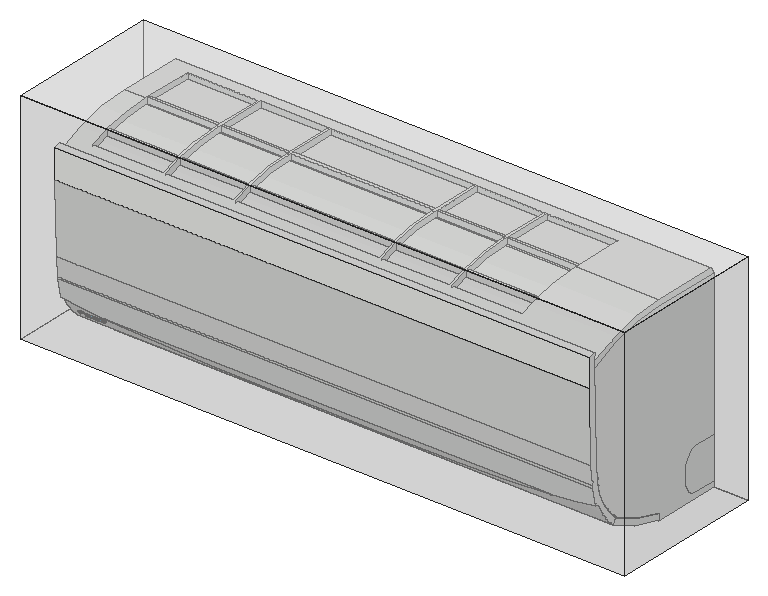
Revit family "outputfile", category 機械設備, Revit 2024
Family settings
  丸型コネクタ寸法 = 半径を使用
  パーツ タイプ = 標準
  OmniClass 番号 = 23.75.10.24.21.27.27
  OmniClass タイトル = Split System Air Conditioning Units
  作業面ベース = いいえ
  常に垂直 = はい
  ロード時にボイドで切り取り = いいえ
  注釈の向きを維持 = いいえ
  共有 = いいえ
  部屋計算ポイント = いいえ
Parameters (values of type "CTKC35RVM4")
  Description = ""
  書き出し IFC クラス(タイプ) = "IfcUnitaryEquipmentType"
  定義済み IFC タイプ(タイプ) = "AIRCONDITIONINGUNIT"
  Cost = 0
  Type Comments = ""
  Keynote = ""
  Type Image = (empty or 0)
  Assembly Code = ""
  w_wall hole = if(Width = 770.0 mm, 48.0 mm, 60.0 mm)  # 48.0 mm
  製造元 = "Daikin"
  モデル = "CTKC35RVM4"
  switch_frequency = yes
  r_Liquid Pipe Size = Liquid Pipe Size / 2  # 3.2 mm
  r_Gas Pipe Size = Gas Pipe Size / 2  # 4.75 mm
  r_Drain Pipe Size = Drain Pipe Size / 2  # 8.0 mm
  lw_powersupply [instance] = if(Width = 770.0 mm, if(or(Rear Right Connection_refrigerant, Bottom Right Connection_refrigerant), 25.0 mm, if(or(Rear Left Connection_refrigerant, Bottom Left Connection_refrigerant), 745.0 mm, 400.0 mm)), if(Width = 990.0 mm, if(or(Rear Right Connection_refrigerant, Bottom Right Connection_refrigerant), 40.0 mm, if(or(Rear Left Connection_refrigerant, Bottom Left Connection_refrigerant), 920.0 mm, 400.0 mm)), if(or(Rear Right Connection_refrigerant, Bottom Right Connection_refrigerant), 40.0 mm, if(or(Rear Left Connection_refrigerant, Bottom Left Connection_refrigerant), 920.0 mm, 400.0 mm))))  # 400.0 mm
  lw_liquidpipe [instance] = if(Width = 770.0 mm, if(or(Rear Right Connection_refrigerant, Bottom Right Connection_refrigerant), 0.0 mm, if(or(Rear Left Connection_refrigerant, Bottom Left Connection_refrigerant), 664.0 mm, 385.0 mm)), if(Width = 990.0 mm, if(or(Rear Right Connection_refrigerant, Bottom Right Connection_refrigerant), 0.0 mm, if(or(Rear Left Connection_refrigerant, Bottom Left Connection_refrigerant), 664.0 mm + (990.0 mm - 770.0 mm), 475.0 mm)), if(or(Rear Right Connection_refrigerant, Bottom Right Connection_refrigerant), 0.0 mm, if(or(Rear Left Connection_refrigerant, Bottom Left Connection_refrigerant), 664.0 mm + (990.0 mm - 770.0 mm), 475.0 mm))))  # 385.0 mm
  lw_gaspipe [instance] = if(Width = 770.0 mm, if(or(Rear Right Connection_refrigerant, Bottom Right Connection_refrigerant), 0.0 mm, if(or(Rear Left Connection_refrigerant, Bottom Left Connection_refrigerant), 675.0 mm, if(Gas Pipe Size = 12.7 mm, 345.0 mm, 335.0 mm))), if(Width = 990.0 mm, if(or(Rear Right Connection_refrigerant, Bottom Right Connection_refrigerant), 10.0 mm, if(or(Rear Left Connection_refrigerant, Bottom Left Connection_refrigerant), 890.0 mm, if(Gas Pipe Size = 15.9 mm, 410.0 mm, 400.0 mm))), if(or(Rear Right Connection_refrigerant, Bottom Right Connection_refrigerant), 10.0 mm, if(or(Rear Left Connection_refrigerant, Bottom Left Connection_refrigerant), 890.0 mm, if(Gas Pipe Size = 15.9 mm, 410.0 mm, 400.0 mm)))))  # 335.0 mm
  lw_drainpipe [instance] = if(Width = 770.0 mm, if(or(Rear Right Connection_refrigerant, Bottom Right Connection_refrigerant), 0.0 mm, if(or(Rear Left Connection_refrigerant, Bottom Left Connection_refrigerant), 770.0 mm - 48.0 mm - 48.0 mm, 440.0 mm)), if(Width = 990.0 mm, if(or(Rear Right Connection_refrigerant, Bottom Right Connection_refrigerant), 0.0 mm, if(or(Rear Left Connection_refrigerant, Bottom Left Connection_refrigerant), 675.0 mm + (990.0 mm - 770.0 mm), 435.0 mm)), if(or(Rear Right Connection_refrigerant, Bottom Right Connection_refrigerant), 0.0 mm, if(or(Rear Left Connection_refrigerant, Bottom Left Connection_refrigerant), 675.0 mm + (990.0 mm - 770.0 mm), 435.0 mm))))  # 440.0 mm
  l_powersupply_length [instance] = if(Width = 770.0 mm, if(Right Connection_refrigerant, 400.0 mm, if(Left Connection_refrigerant, 770.0 mm - 400.0 mm, if(or(Rear Left Connection_refrigerant, Rear Right Connection_refrigerant), 15.0 mm, 50.0 mm))), if(Width = 990.0 mm, if(Right Connection_refrigerant, 400.0 mm, if(Left Connection_refrigerant, 990.0 mm - 400.0 mm, if(or(Rear Left Connection_refrigerant, Rear Right Connection_refrigerant), 15.0 mm, 50.0 mm))), if(Right Connection_refrigerant, 400.0 mm, if(Left Connection_refrigerant, 990.0 mm - 400.0 mm, if(or(Rear Left Connection_refrigerant, Rear Right Connection_refrigerant), 15.0 mm, 50.0 mm)))))  # 400.0 mm
  l_liquidpipe_length [instance] = if(Width = 770.0 mm, if(Right Connection_refrigerant, 433.0 mm, if(Left Connection_refrigerant, 337.0 mm, if(or(Rear Left Connection_refrigerant, Rear Right Connection_refrigerant), 30.0 mm, 40.0 mm))), if(Width = 990.0 mm, if(Right Connection_refrigerant, 535.0 mm, if(Left Connection_refrigerant, 455.0 mm, if(or(Rear Left Connection_refrigerant, Rear Right Connection_refrigerant), 30.0 mm, 40.0 mm))), if(Right Connection_refrigerant, 535.0 mm, if(Left Connection_refrigerant, 455.0 mm, if(or(Rear Left Connection_refrigerant, Rear Right Connection_refrigerant), 30.0 mm, 40.0 mm)))))  # 433.0 mm
  l_gaspipe_length [instance] = if(Width = 770.0 mm, if(Right Connection_refrigerant, if(Gas Pipe Size = 12.7 mm, 393.0 mm, 383.0 mm), if(Left Connection_refrigerant, if(Gas Pipe Size = 12.7 mm, 770.0 mm - 393.0 mm, 770.0 mm - 383.0 mm), if(or(Rear Left Connection_refrigerant, Rear Right Connection_refrigerant), 40.0 mm, 50.0 mm))), if(Width = 990.0 mm, if(Right Connection_refrigerant, if(Gas Pipe Size = 15.9 mm, 470.0 mm, 460.0 mm), if(Left Connection_refrigerant, if(Gas Pipe Size = 15.9 mm, 990.0 mm - 470.0 mm, 990.0 mm - 460.0 mm), if(or(Rear Left Connection_refrigerant, Rear Right Connection_refrigerant), 40.0 mm, 50.0 mm))), if(Right Connection_refrigerant, if(Gas Pipe Size = 15.9 mm, 470.0 mm, 460.0 mm), if(Left Connection_refrigerant, if(Gas Pipe Size = 15.9 mm, 990.0 mm - 470.0 mm, 990.0 mm - 460.0 mm), if(or(Rear Left Connection_refrigerant, Rear Right Connection_refrigerant), 40.0 mm, 50.0 mm)))))  # 383.0 mm
  l_drainpipe_length [instance] = if(Width = 770.0 mm, if(Right Connection_refrigerant, 488.0 mm, if(Left Connection_refrigerant, 282.0 mm, if(or(Rear Left Connection_refrigerant, Rear Right Connection_refrigerant), 15.0 mm, 20.0 mm))), if(Width = 990.0 mm, if(Right Connection_refrigerant, 495.0 mm, if(Left Connection_refrigerant, 495.0 mm, if(or(Rear Left Connection_refrigerant, Rear Right Connection_refrigerant), 15.0 mm, 20.0 mm))), if(Right Connection_refrigerant, 495.0 mm, if(Left Connection_refrigerant, 495.0 mm, if(or(Rear Left Connection_refrigerant, Rear Right Connection_refrigerant), 15.0 mm, 20.0 mm)))))  # 488.0 mm
  h*** = 0.0 mm  # constant formula
  connector_voltage = Voltage_50Hz  # 230 V
  connector_powerinput = [Power Input (Cooling)]  # 0.000 kW
  connector_phase = Phase_50Hz  # 1
  angle_vertical [instance] = if(or(Bottom Left Connection_refrigerant, Bottom Right Connection_refrigerant), 0.00°, 90.00°)  # 90.00°
  angle_horizontal [instance] = if(Right Connection_refrigerant, 90.00°, if(Left Connection_refrigerant, -90.00°, if(or(Rear Left Connection_refrigerant, Rear Right Connection_refrigerant), 180.00°, 0.00°)))  # 90.00°
  Width = 770.0 mm
  Voltage_comment_50Hz = "220 - 240"
  Voltage_50Hz = 230 V
  Version = "ver.1.0"
  Unit Type = "Wall Mounted"
  Unit Mass Weight = 9.00 kg
  Unit Designation [instance] = ""
  Uniclass2015Version = "Products v1.30"
  Uniclass2015Title = "Split coil room air conditioning units"
  Uniclass2015Code = "Pr_70_65_03_86"
  URL = ""
  Total Cooling Capacity [instance] = 0.000 kW
  Sound Pressure Level_M speed (dBA) = 34
  Sound Pressure Level_L speed (dBA) = 26
  Sound Pressure Level_H speed (dBA) = 39
  Sound Power Level_H speed (dB) = 0
  Series = "Multi Split_Fan Coil Unit"
  Sensible Cooling Capacity [instance] = 0.000 kW
  Refrigerant Type = "R32"
  Power Input (Cooling) = 0.000 kW
  Phase_50Hz = 1
  Option Accessory 3 [instance] = ""
  Option Accessory 2 [instance] = ""
  Option Accessory 1 [instance] = ""
  Nominal Cooling Capacity = 3.500 kW
  Minimum Circuit Amps_50Hz = 0.0 A
  Minimum Airflow = 402.00 m³/h
  Median Airflow = 558.00 m³/h
  Maximum Fuse Amps_50Hz = 0.0 A
  Maximum Airflow = 690.00 m³/h
  Material_Casing = DAIKIN_White_Casing_indoorunit
  Load Classification = HVAC
  Liquid Pipe Size = 6.4 mm
  Link_Nested Family [instance] = ""
  IfcVersion = ""
  IfcExportType = "AIRCONDITIONINGUNIT"
  IfcExportAs = "IfcUnitaryEquipmentType"
  Height = 285.0 mm
  Heat Exchanger Type = "Cross Fin Coil"
  Gas Pipe Size = 9.5 mm
  Frequency_50Hz = 50 Hz
  Fan Type = "Cross Flow Fan"
  Fan Drive = "Direct Drive"
  FCU Tag No. [instance] = ""
  Drain Pipe Size = 16.0 mm
  Design Supply Airflow [instance] = 0.00 m³/h
  Depth = 223.0 mm
  既定の高さ = 0.0 mm
  Cooling Entering Wet Bulb Temperature [instance] = 0.00 °C
  Cooling Entering Dry Bulb Temperature [instance] = 0.00 °C
  Cooling Ambient Wet Bulb Temperature [instance] = 0.00 °C
  Cooling Ambient Dry Bulb Temperature [instance] = 0.00 °C
  Clearance visibility [instance] = yes
  Clearance Top = 30.0 mm
  Clearance Right = 50.0 mm
  Clearance Rear = 0.0 mm
  Clearance Left = 50.0 mm
  Clearance Front = 0.0 mm
  Clearance Bottom = 0.0 mm
  Bottom Right Connection_refrigerant [instance] = no
  Bottom Left Connection_refrigerant [instance] = no
  Rear Right Connection_refrigerant [instance] = no
  Rear Left Connection_refrigerant [instance] = no
  Right Connection_refrigerant [instance] = yes
  Left Connection_refrigerant [instance] = no
Reference planes
  plane 1 "Back": y = 0
  plane 2: z = 0
  plane 3 "Center (Left/Right)": x = 0
  plane 4 "Center (Front/Back)": y = -111.5
  plane 5 "Front": y = -223
  plane 6 "Left": x = -385
  plane 7 "Right": x = 385
  plane 8 "Top": z = 0
  plane 9 "Bottom": z = -285
  plane 10: x = -435
  plane 11: x = 435
  plane 12: y = 0
  plane 13: y = -223
  plane 14: z = 30
  plane 15: z = -285
  plane 16 "lw_Piping and Wiring intake": x = 337
  plane 17 "lw_gaspipe": x = 2
  plane 18 "lw_liquidpipe": x = -48
  plane 19 "lw_drainpipe": x = -103
  plane 20 "lh_drainpipe": z = -265
  plane 21 "lh_liquidpipe": z = -245
  plane 22 "lh_gaspipe": z = -235
  plane 23 "ld_drainpipe": y = -15
  plane 24 "ld_liquidpipe": y = -30
  plane 25 "ld_gaspipe": y = -40
  plane 26 "lw_powersupply": x = -15
Dimensions and locks
  equal spacing: plane 6 "Left", plane 3 "Center (Left/Right)", plane 7 "Right"
  "Width": plane 6 "Left" to plane 7 "Right"
  equal spacing: plane 5 "Front", plane 4 "Center (Front/Back)", plane 1 "Back"
  "Depth": plane 5 "Front" to plane 1 "Back"
  "Height": plane 8 "Top" to plane 9 "Bottom"
  "Clearance Rear": plane 12 to plane 1 "Back"
  "Clearance Front": plane 13 to plane 5 "Front"
  "Clearance Top": plane 14 to plane 8 "Top"
  "Clearance Bottom": plane 9 "Bottom" to plane 15
  "w_wall hole": plane 16 "lw_Piping and Wiring intake" to plane 7 "Right"
  "lw_gaspipe": plane 17 "lw_gaspipe" to plane 16 "lw_Piping and Wiring intake"
  "lw_liquidpipe": plane 18 "lw_liquidpipe" to plane 16 "lw_Piping and Wiring intake"
  "lw_drainpipe": plane 19 "lw_drainpipe" to plane 16 "lw_Piping and Wiring intake"
  locked: plane 20 "lh_drainpipe" to plane 9 "Bottom" at 20
  locked: plane 21 "lh_liquidpipe" to plane 9 "Bottom" at 40
  locked: plane 22 "lh_gaspipe" to plane 9 "Bottom" at 50
  locked: plane 23 "ld_drainpipe" to plane 1 "Back" at 15
  locked: plane 1 "Back" to plane 24 "ld_liquidpipe" at 30
  locked: plane 1 "Back" to plane 25 "ld_gaspipe" at 40
  "lw_powersupply": plane 26 "lw_powersupply" to plane 7 "Right"
  "Clearance Right": plane 7 "Right" to plane 11
  "Clearance Left": plane 10 to plane 6 "Left"
  aligned and locked: level to plane 2
  aligned and locked: plane 12 to nested 1
  aligned and locked: nested 1 to plane 13
  aligned and locked: plane 10 to nested 1
  aligned and locked: plane 11 to nested 1
  aligned and locked: plane 15 to nested 1
  aligned and locked: plane 14 to nested 1
  aligned and locked: plane 17 "lw_gaspipe" to nested 2
  aligned and locked: nested 2 to plane 25 "ld_gaspipe"
  aligned and locked: plane 18 "lw_liquidpipe" to nested 3
  aligned and locked: nested 3 to plane 24 "ld_liquidpipe"
  aligned and locked: plane 19 "lw_drainpipe" to nested 4
  aligned and locked: nested 4 to plane 23 "ld_drainpipe"
  aligned and locked: nested 5 to plane 23 "ld_drainpipe"
  aligned and locked: plane 26 "lw_powersupply" to nested 5
  aligned and locked: level to plane 8 "Top"
  aligned and locked: plane 3 "Center (Left/Right)" to nested 6
  aligned and locked: plane 1 "Back" to nested 6
  aligned and locked: plane 8 "Top" to nested 6
Nested families
  nested 1: "daikin_clearancespace" at (0, -111.5, -127.381), show <- "Clearance visibility", visible <- "Clearance visibility", Link_Nested Family <- "Link_Nested Family", type "daikin_clearancespace"
    with width 870.0 mm, show yes, height 315.0 mm, depth 223.0 mm, Link_Nested Family ""
  nested 2: "daikin_connector_rotate3" at (2, -40, -235), angle_vertical <- "angle_vertical", angle_horizontal <- "angle_horizontal", length <- "l_gaspipe_length", radius <- "r_Gas Pipe Size", type "daikin_connector_rotate3"
    with show no, radius 4.75 mm, length 383.0 mm, angle_vertical 90.00°, angle_horizontal 90.00°
  nested 3: "daikin_connector_rotate3" at (-48, -30, -245), angle_vertical <- "angle_vertical", angle_horizontal <- "angle_horizontal", radius <- "r_Liquid Pipe Size", length <- "l_liquidpipe_length", type "daikin_connector_rotate3"
    with show no, radius 3.2 mm, length 433.0 mm, angle_vertical 90.00°, angle_horizontal 90.00°
  nested 4: "daikin_connector_rotate3" at (-103, -15, -265), angle_vertical <- "angle_vertical", angle_horizontal <- "angle_horizontal", length <- "l_drainpipe_length", radius <- "r_Drain Pipe Size", type "daikin_connector_rotate3"
    with show no, radius 8.0 mm, length 488.0 mm, angle_vertical 90.00°, angle_horizontal 90.00°
  nested 5: "daikin_connector_rotate3" at (-15, -15, -235), angle_vertical <- "angle_vertical", angle_horizontal <- "angle_horizontal", length <- "l_powersupply_length", type "daikin_connector_rotate3"
    with show no, radius 10.0 mm, length 400.0 mm, angle_vertical 90.00°, angle_horizontal 90.00°
  nested 6: "DAIKIN_indoorunit_CTKC-RVM4" at (-31, 0, 0), type "CTKC-RVM4"
Connectors
  piping at (385, -40, -235), diameter 9.5, driven by "r_Gas Pipe Size"
    settings: on nested 2, index 1, connector inside diameter 609.6 mm, connector length 0.0 mm, flow factor 0, pipe flow 0.00 m³/h, pressure drop 0.0 Pa, fitting loss kfactor 0, connector angle 0.00°, fixture units 0, engagement length 0.0 mm, angle of deflection 0.00°, flow configuration 1, flow direction 2, fitting loss method 0, system type 29, joint type 0, gender type 0, connector reference index -1, connector utility 0, adjustable connector no, is connector primary yes, connector description "Refrigerant Gas Piping"
  piping at (385, -30, -245), diameter 6.4, driven by "r_Liquid Pipe Size"
    settings: on nested 3, index 2, connector inside diameter 609.6 mm, connector length 0.0 mm, flow factor 0, pipe flow 0.00 m³/h, pressure drop 0.0 Pa, fitting loss kfactor 0, connector angle 0.00°, fixture units 0, engagement length 0.0 mm, angle of deflection 0.00°, flow configuration 1, flow direction 1, fitting loss method 0, system type 29, joint type 0, gender type 0, connector reference index -1, connector utility 0, adjustable connector no, is connector primary no, connector description "Refrigerant Liquid Piping"
  piping at (385, -15, -265), diameter 16, driven by "r_Drain Pipe Size"
    settings: on nested 4, index 3, connector inside diameter 609.6 mm, connector length 0.0 mm, flow factor 0, pipe flow 0.00 m³/h, pressure drop 0.0 Pa, fitting loss kfactor 0, connector angle 0.00°, fixture units 0, engagement length 0.0 mm, angle of deflection 0.00°, flow configuration 1, flow direction 2, fitting loss method 4, system type 16, joint type 0, gender type 0, connector reference index -1, connector utility 0, adjustable connector no, is connector primary no, connector description "Condensate Drain Piping"
  electrical at (385, -15, -235), driven by "Load Classification", driven by "connector_voltage", driven by "connector_powerinput", driven by "connector_phase"
    settings: on nested 5, index 4, voltage 230 V, apparent load 0 VA, apparent load phase1 0 VA, apparent load phase2 0 VA, apparent load phase3 0 VA, power factor 1, load classification "HVAC", number of poles 1, system type 30, power factor state 1, is connector primary yes, connector utility no, sub classification motor no, connector description "Power Supply"
Definition of nested family "daikin_clearancespace"
  Parameters (values of type "daikin_clearancespace")
    Description = "daikin_clearancespace"
    width [instance] = 1823.963 mm
    show [instance] = yes
    material = none
    height [instance] = 1359.762 mm
    depth [instance] = 880.0 mm
    Default Elevation = 0.0 mm
    Link_Nested Family [instance] = ""
  Reference planes
    plane 1 "Center (Front/Back)": y = 0
    plane 2 "Center (Elevation)": z = -0.119
    plane 3 "Center (Left/Right)": x = 0
    plane 4: y = 440
    plane 5: y = -440
    plane 6 "Right": x = 911.982
    plane 7 "Left": x = -911.982
    plane 8 "Top": z = 679.762
    plane 9 "Bottom": z = -680
  Forms (mm)
    Extrusion 1, solid, material <- "material", visible <- "show"
      sketch origin (0, 0, 0) x (1, 0, 0) y (0, 1, 0)
        loop
          line (-911.982, 440) -> (-911.982, -440) -> (911.982, -440) -> (911.982, 440) -> (-911.982, 440)
      from -680 to 679.762
  Lines and regions (mm)
    symbolic lines, visible <- "show"
      curve 1: line (911.982, 440, 0) -> (-911.982, 440, 0)
      curve 2: line (-911.982, 440, 0) -> (-911.982, -440, 0)
      curve 3: line (-911.982, -440, 0) -> (911.982, -440, 0)
      curve 4: line (911.982, -440, 0) -> (911.982, 440, 0)
      curve 5: line (911.982, 0, 679.762) -> (-911.982, 0, 679.762)
      curve 6: line (911.982, 0, -680) -> (911.982, 0, 679.762)
      curve 7: line (-911.982, 0, -680) -> (911.982, 0, -680)
      curve 8: line (-911.982, 0, 679.762) -> (-911.982, 0, -680)
      curve 9: line (0, 440, 679.762) -> (0, -440, 679.762)
      curve 10: line (0, -440, 679.762) -> (0, -440, -680)
      curve 11: line (0, 440, -680) -> (0, 440, 679.762)
      curve 12: line (0, -440, -680) -> (0, 440, -680)
  Dimensions and locks
    "width": plane 7 "Left" to plane 6 "Right"
    "depth": plane 4 to plane 5
    "height": plane 8 "Top" to plane 9 "Bottom"
    equal spacing: plane 7 "Left", plane 3 "Center (Left/Right)", plane 6 "Right"
    equal spacing: plane 4, plane 1 "Center (Front/Back)", plane 5
    equal spacing: plane 8 "Top", plane 2 "Center (Elevation)", plane 9 "Bottom"
    aligned and locked: level to plane 2 "Center (Elevation)"
    aligned and locked: Extrusion 1 sketch curve to plane 4
    aligned and locked: plane 7 "Left" to Extrusion 1 sketch curve
    aligned and locked: Extrusion 1 sketch curve to plane 5
    aligned and locked: Extrusion 1 sketch curve to plane 6 "Right"
    aligned and locked: plane 8 "Top" to Extrusion 1
    aligned and locked: curve 1 to Extrusion 1
    aligned and locked: curve 2 to Extrusion 1
    aligned and locked: curve 3 to Extrusion 1
    aligned and locked: curve 4 to Extrusion 1
    aligned and locked: curve 5 to Extrusion 1
    aligned and locked: curve 6 to Extrusion 1
    aligned and locked: curve 7 to Extrusion 1
    aligned and locked: curve 8 to Extrusion 1
    aligned and locked: curve 9 to Extrusion 1
    aligned and locked: curve 10 to Extrusion 1
    aligned and locked: curve 11 to Extrusion 1
    aligned and locked: curve 12 to Extrusion 1
    aligned and locked: Extrusion 1 to plane 9 "Bottom"
Definition of nested family "DAIKIN_indoorunit_CTKC-RVM4"
  Parameters (values of type "FTKM-QVMA")
    Material_Casing = none
    Default Elevation = 0.0 mm
  Reference planes
    plane 1 "Center (Front/Back)": y = 0
    plane 2 "reference_level": z = 0
    plane 3 "Center (Left/Right)": x = 31
    plane 4: x = -354
    plane 5: x = 416
    plane 6: z = -285
  Forms (mm)
    Extrusion 1, solid, material <- "Material_Casing"
      sketch origin (29, 0, 0) x (0, 1, 0) y (0, 0, 1)
        loop
          line (-5, 0) -> (-98, 0)
          arc (-98, 0) -> (-157.611, -7.211) -> (-213.783, -28.427) r 250
          arc (-213.783, -28.427) -> (-213.842, -32.972) -> (-213.892, -37.516) r 2191
          arc (-213.892, -37.516) -> (-157.832, -15.495) -> (-98.07, -8) r 242
          line (-98.07, -8) -> (0, -8) -> (-5, 0)
      from -383 to 387
    Extrusion 2, solid, material <- "Material_Casing"
      sketch origin (416, 1296.25, 1200) x (0, 1, 0) y (0, 0, 1)
        loop
          line (-1472.998, -1446.91) -> (-1476.998, -1453.839)
          arc (-1476.998, -1453.839) -> (-1437.481, -1472.422) -> (-1395.25, -1483.538) r 240
          line (-1395.25, -1483.538) -> (-1395.25, -1475.422)
          arc (-1395.25, -1475.422) -> (-1435.407, -1464.663) -> (-1472.998, -1446.91) r 232
      from 0 to -47.5
    Extrusion 3, solid, material <- "Material_Casing"
      sketch origin (29, 0, 0) x (0, 1, 0) y (0, 0, 1)
        loop
          arc (-223, -60.455) -> (-222.414, -110.646) -> (-220.656, -160.81) r 2149.92
          arc (-220.656, -160.81) -> (-219.65, -174.299) -> (-217.853, -187.706) r 229.911
          arc (-217.853, -187.706) -> (-205.371, -223.594) -> (-181.517, -253.17) r 111
          line (-181.517, -253.17) -> (-177.429, -246.093)
          arc (-177.429, -246.093) -> (-198.77, -218.989) -> (-209.965, -186.36) r 103
          arc (-209.965, -186.36) -> (-211.681, -173.586) -> (-212.651, -160.735) r 221.844
          arc (-212.651, -160.735) -> (-214.739, -93.233) -> (-214.74, -25.699) r 2186.828
          arc (-214.74, -25.699) -> (-214.671, -21.467) -> (-214.594, -17.235) r 2192
          line (-214.594, -17.235) -> (-223, -19.961) -> (-223, -60.455)
      from -383 to 387
    Extrusion 4, solid, material <- "Material_Casing"
      sketch origin (29, 0, 0) x (0, 1, 0) y (0, 0, 1)
        loop
          line (-181.517, -253.17) -> (-179.597, -249.846)
          arc (-179.597, -249.846) -> (-202.009, -221.399) -> (-213.189, -186.952) r 103
          line (-213.189, -186.952) -> (-217.853, -187.706)
          arc (-217.853, -187.706) -> (-217.533, -189.556) -> (-217.182, -191.4) r 111
          arc (-217.182, -191.4) -> (-213.806, -208.181) -> (-210.362, -224.948) r 4257.809
          arc (-210.362, -224.948) -> (-198.886, -237.857) -> (-186.225, -249.607) r 180
          line (-186.225, -249.607) -> (-181.517, -253.17)
      from -383 to 387
    Extrusion 5, solid, material <- "Material_Casing"
      sketch origin (29, 0, -20) x (0, 1, 0) y (0, 0, 1)
        loop
          line (0, -265) -> (0, 12) -> (-98.07, 12)
          arc (-98.07, 12) -> (-157.832, 4.505) -> (-213.892, -17.516) r 242
          arc (-213.892, -17.516) -> (-213.638, -79.114) -> (-211.653, -140.681) r 2191
          arc (-211.653, -140.681) -> (-210.685, -153.501) -> (-208.973, -166.243) r 221
          arc (-208.973, -166.243) -> (-197.471, -199.282) -> (-175.482, -226.491) r 102
          arc (-175.482, -226.491) -> (-138.004, -244.019) -> (-98, -254.579) r 231
          line (-98, -254.579) -> (-98, -265) -> (0, -265)
      from -383 to 387
    Extrusion 6, solid, material <- "Material_Casing"
      sketch origin (-354, 1296.25, 1200) x (0, 1, 0) y (0, 0, 1)
        loop
          line (-1472.998, -1446.91) -> (-1476.998, -1453.839)
          arc (-1476.998, -1453.839) -> (-1437.481, -1472.422) -> (-1395.25, -1483.538) r 240
          line (-1395.25, -1483.538) -> (-1395.25, -1475.422)
          arc (-1395.25, -1475.422) -> (-1435.407, -1464.663) -> (-1472.998, -1446.91) r 232
      from 47 to 0
    Extrusion 7, solid, material <- "Material_Casing"
      sketch origin (416, 1296.25, 1200) x (0, 1, 0) y (0, 0, 1)
        loop
          line (-1472.998, -1446.91) -> (-1476.998, -1453.839)
          arc (-1476.998, -1453.839) -> (-1443.437, -1470.168) -> (-1407.75, -1481.097) r 240
          line (-1407.75, -1481.097) -> (-1407.75, -1472.894)
          arc (-1407.75, -1472.894) -> (-1441.363, -1462.385) -> (-1472.998, -1446.91) r 232
      from -116.993 to -48.493
    Extrusion 8, solid, material <- "Material_Casing"
      sketch origin (416, 1296.25, 1200) x (0, 1, 0) y (0, 0, 1)
        loop
          line (-1472.998, -1446.91) -> (-1476.998, -1453.839)
          arc (-1476.998, -1453.839) -> (-1443.437, -1470.168) -> (-1407.75, -1481.097) r 240
          line (-1407.75, -1481.097) -> (-1407.75, -1472.894)
          arc (-1407.75, -1472.894) -> (-1441.363, -1462.385) -> (-1472.998, -1446.91) r 232
      from -717 to -121.993
    Extrusion 9, void
      sketch origin (31, 0, -235) x (1, 0, 0) y (0, 1, 0)
        loop
          line (-252.674, -22.316) -> (-354.941, -22.316) -> (-354.941, -91.341) -> (-252.674, -91.341) -> (-252.674, -22.316)
        loop
          line (-249.341, -91.341) -> (-151.574, -91.341) -> (-151.574, -22.316) -> (-249.341, -22.316) -> (-249.341, -91.341)
        loop
          line (58.309, -22.316) -> (-148.309, -22.316) -> (-148.309, -91.341) -> (58.309, -91.341) -> (58.309, -22.316)
        loop
          line (61.689, -22.316) -> (61.689, -91.341) -> (159.457, -91.341) -> (159.457, -22.316) -> (61.689, -22.316)
        loop
          line (162.789, -22.316) -> (162.789, -91.341) -> (265.057, -91.341) -> (265.057, -22.316) -> (162.789, -22.316)
        loop
          line (-354.941, -94.659) -> (-354.941, -165.259) -> (-252.674, -165.259) -> (-252.674, -94.659) -> (-354.941, -94.659)
        loop
          line (-249.341, -94.659) -> (-249.341, -165.259) -> (-151.574, -165.259) -> (-151.574, -94.659) -> (-249.341, -94.659)
        loop
          line (-148.309, -94.659) -> (-148.309, -165.259) -> (58.309, -165.259) -> (58.309, -94.659) -> (-148.309, -94.659)
        loop
          line (61.689, -94.659) -> (61.689, -165.259) -> (159.457, -165.259) -> (159.457, -94.659) -> (61.689, -94.659)
        loop
          line (162.789, -94.659) -> (162.789, -165.259) -> (265.057, -165.259) -> (265.057, -94.659) -> (162.789, -94.659)
        loop
          line (-354.941, -167.382) -> (-354.941, -192.681) -> (-252.674, -192.681) -> (-252.674, -167.382) -> (-354.941, -167.382)
        loop
          line (-249.341, -167.382) -> (-249.341, -192.681) -> (-151.574, -192.681) -> (-151.574, -167.382) -> (-249.341, -167.382)
        loop
          line (-148.309, -167.382) -> (-148.309, -192.681) -> (58.309, -192.681) -> (58.309, -167.382) -> (-148.309, -167.382)
        loop
          line (159.457, -167.382) -> (61.689, -167.382) -> (61.689, -192.681) -> (159.457, -192.681) -> (159.457, -167.382)
        loop
          line (265.057, -167.382) -> (162.789, -167.382) -> (162.789, -192.681) -> (265.057, -192.681) -> (265.057, -167.382)
      from 201.638 to 250
    Extrusion 10, void
      sketch origin (31, 0, 0) x (1, 0, 0) y (0, 0, 1)
        loop
          arc (597, -174.907) -> (0.056, -245.263) -> (-597, -175.856) r 2585.042
          line (-597, -175.856) -> (-597, -352.872) -> (597, -352.872) -> (597, -174.907)
      from 173 to 315.3
    Extrusion 11, solid, material <- "Material_Casing"
      sketch origin (31, 0, 0) x (1, 0, 0) y (0, 0, 1)
        loop
          circle (337, -240.5) r 32.5
        loop
          circle (-337, -240.5) r 32.5
      from 0 to 5
    Extrusion 12, solid, material <- "Material_Casing"
      sketch origin (416, 1296.25, 1200) x (0, -1, 0) y (0, 0, 1)
        loop
          line (1326.25, -1417) -> (1296.25, -1417) -> (1296.25, -1477) -> (1326.25, -1477)
          arc (1326.25, -1477) -> (1340.393, -1471.142) -> (1346.25, -1457) r 20
          line (1346.25, -1457) -> (1346.25, -1437)
          arc (1346.25, -1437) -> (1340.393, -1422.858) -> (1326.25, -1417) r 20
      from 0 to 5
    Extrusion 13, solid, material <- "Material_Casing"
      sketch origin (-354, 1296.25, 1200) x (0, 1, 0) y (0, 0, 1)
        loop
          line (-1296.25, -1417) -> (-1326.25, -1417)
          arc (-1326.25, -1417) -> (-1340.393, -1422.858) -> (-1346.25, -1437) r 20
          line (-1346.25, -1437) -> (-1346.25, -1457)
          arc (-1346.25, -1457) -> (-1340.393, -1471.142) -> (-1326.25, -1477) r 20
          line (-1326.25, -1477) -> (-1296.25, -1477) -> (-1296.25, -1417)
      from 0 to 5
    Extrusion 14, solid, material <- "Material_Casing"
      sketch origin (31, 0, -285) x (-1, 0, 0) y (0, -1, 0)
        loop
          line (-314, 0) -> (-314, 30)
          arc (-314, 30) -> (-319.858, 44.142) -> (-334, 50) r 20
          line (-334, 50) -> (-354, 50)
          arc (-354, 50) -> (-368.142, 44.142) -> (-374, 30) r 20
          line (-374, 30) -> (-374, 0) -> (-314, 0)
        loop
          line (374, 0) -> (374, 30)
          arc (374, 30) -> (368.142, 44.142) -> (354, 50) r 20
          line (354, 50) -> (334, 50)
          arc (334, 50) -> (319.858, 44.142) -> (314, 30) r 20
          line (314, 30) -> (314, 0) -> (374, 0)
      from 0 to 5
  Cuts and joins
    Extrusion 9 cuts Extrusion 1
    Extrusion 10 cuts Extrusion 4
    joined: Extrusion 3, Extrusion 4
  Lines and regions (mm)
    reference lines
      curve 1: line (-523, -201.911, -229.404) -> (-523, -193.542, -239.977)
  Dimensions and locks
    locked: Extrusion 10 sketch curve to Extrusion 10 sketch curve at 1194
    Extrusion 10 sketch curve to Extrusion 10 sketch curve = 1194.0 mm
    locked: Extrusion 12 sketch curve to Extrusion 12 sketch curve at 60
    locked: Extrusion 12 sketch curve to Extrusion 12 sketch curve at 50
    locked: Extrusion 14 sketch curve to Extrusion 14 sketch curve at 60  (x2)
    locked: Extrusion 14 sketch curve to Extrusion 14 sketch curve at 50
    equal spacing: plane 5, plane 3 "Center (Left/Right)", plane 4
    plane 5 to plane 4 = 770.0 mm
    locked: Extrusion 11 sketch curve to plane 4 at 48
    plane 5 to Extrusion 11 sketch curve = 48.0 mm
    plane 2 "reference_level" to plane 6 = 285.0 mm
    locked: Extrusion 11 sketch curve to plane 6 at 44.5  (x2)
    locked: cut or joined group of Extrusion 3, Extrusion 4, Extrusion 10 to nested 1 at 15
    diameter of Extrusion 11 sketch curve = 65.0 mm  (x2)
    aligned and locked: level to plane 2 "reference_level"
    aligned and locked: nested 1 to curve 1
    aligned and locked: Extrusion 13 sketch curve to Extrusion 12  (x4)
    aligned and locked: Extrusion 14 sketch curve to Extrusion 14 sketch curve  (x2)
    aligned and locked: Extrusion 11 to plane 1 "Center (Front/Back)"
  Automatic sketch dimensions
    Extrusion 10 sketch curve to plane 3 "Center (Left/Right)" = 597.0 mm
    Extrusion 10 sketch curve to plane 3 "Center (Left/Right)" = 2.0 mm
    Extrusion 10 sketch curve to level = 352.872 mm
    Extrusion 10 sketch curve to level = 175.856 mm
    Extrusion 10 sketch curve to level = 174.907 mm
    curve 1 to level = 239.977 mm
    plane 1 "Center (Front/Back)" to curve 1 = 193.542 mm
    curve 1 to curve 1 = 10.573 mm
    curve 1 to curve 1 = 8.368 mm
    Extrusion 1 sketch curve to level = 0.0 mm
    Extrusion 1 sketch curve to plane 1 "Center (Front/Back)" = 0.0 mm
    plane 1 "Center (Front/Back)" to Extrusion 1 sketch curve = 5.0 mm
    plane 1 "Center (Front/Back)" to Extrusion 1 sketch curve = 98.0 mm
    Extrusion 1 sketch curve to Extrusion 1 sketch curve = 0.07 mm
    Extrusion 1 sketch curve to level = 59.292 mm
    Extrusion 1 sketch curve to plane 1 "Center (Front/Back)" = 1977.0 mm
    Extrusion 1 sketch curve to level = 250.0 mm
    Extrusion 1 sketch curve to Extrusion 1 sketch curve = 0.0 mm
    Extrusion 1 sketch curve to level = 8.0 mm
    Extrusion 1 sketch curve to level = 28.427 mm
    plane 1 "Center (Front/Back)" to Extrusion 2 sketch curve = 180.748 mm
    Extrusion 2 sketch curve to Extrusion 2 sketch curve = 4.0 mm
    Extrusion 2 sketch curve to Extrusion 2 sketch curve = 77.747 mm
    plane 1 "Center (Front/Back)" to Extrusion 2 sketch curve = 59.279 mm
    Extrusion 2 sketch curve to Extrusion 2 sketch curve = 0.0 mm
    Extrusion 2 sketch curve to level = 283.538 mm
    Extrusion 2 sketch curve to Extrusion 2 sketch curve = 8.116 mm
    Extrusion 2 sketch curve to Extrusion 2 sketch curve = 21.583 mm
    Extrusion 2 sketch curve to Extrusion 2 sketch curve = 6.929 mm
    Extrusion 3 sketch curve to level = 19.961 mm
    plane 1 "Center (Front/Back)" to Extrusion 3 sketch curve = 223.0 mm
    Extrusion 3 sketch curve to level = 17.235 mm
    Extrusion 3 sketch curve to Extrusion 3 sketch curve = 8.406 mm
    plane 1 "Center (Front/Back)" to Extrusion 3 sketch curve = 181.517 mm
    Extrusion 3 sketch curve to Extrusion 3 sketch curve = 4.087 mm
    Extrusion 3 sketch curve to Extrusion 3 sketch curve = 69.11 mm
    Extrusion 3 sketch curve to Extrusion 3 sketch curve = 0.001 mm
    Extrusion 3 sketch curve to plane 1 "Center (Front/Back)" = 8.955 mm
    Extrusion 3 sketch curve to Extrusion 3 sketch curve = 0.067 mm
    Extrusion 3 sketch curve to level = 60.455 mm
    Extrusion 3 sketch curve to Extrusion 3 sketch curve = 1917.898 mm
    Extrusion 3 sketch curve to Extrusion 3 sketch curve = 44.907 mm
    Extrusion 3 sketch curve to Extrusion 3 sketch curve = 5.172 mm
    Extrusion 3 sketch curve to level = 150.456 mm
    Extrusion 3 sketch curve to Extrusion 3 sketch curve = 0.006 mm
    Extrusion 3 sketch curve to Extrusion 3 sketch curve = 19.265 mm
    Extrusion 3 sketch curve to Extrusion 3 sketch curve = 0.004 mm
    Extrusion 3 sketch curve to Extrusion 3 sketch curve = 76.368 mm
    Extrusion 3 sketch curve to Extrusion 3 sketch curve = 7.077 mm
    Extrusion 3 sketch curve to Extrusion 3 sketch curve = 1.002 mm
    Extrusion 3 sketch curve to Extrusion 3 sketch curve = 0.046 mm
    Extrusion 3 sketch curve to Extrusion 3 sketch curve = 8.005 mm
    Extrusion 3 sketch curve to Extrusion 3 sketch curve = 0.147 mm
    Extrusion 3 sketch curve to Extrusion 3 sketch curve = 0.0 mm
    plane 1 "Center (Front/Back)" to Extrusion 4 sketch curve = 217.853 mm
    Extrusion 4 sketch curve to Extrusion 4 sketch curve = 4.664 mm
    Extrusion 4 sketch curve to Extrusion 4 sketch curve = 26.964 mm
    Extrusion 4 sketch curve to Extrusion 4 sketch curve = 4.708 mm
    Extrusion 4 sketch curve to Extrusion 4 sketch curve = 1.92 mm
    Extrusion 4 sketch curve to Extrusion 4 sketch curve = 68.441 mm
    Extrusion 4 sketch curve to Extrusion 4 sketch curve = 2.837 mm
    Extrusion 4 sketch curve to Extrusion 4 sketch curve = 38.066 mm
    level to Extrusion 4 sketch curve = 640.031 mm
    Extrusion 4 sketch curve to plane 1 "Center (Front/Back)" = 3958.661 mm
    Extrusion 4 sketch curve to level = 111.946 mm
    Extrusion 4 sketch curve to Extrusion 4 sketch curve = 57.779 mm
    Extrusion 4 sketch curve to Extrusion 4 sketch curve = 3.149 mm
    Extrusion 4 sketch curve to Extrusion 4 sketch curve = 14.078 mm
    Extrusion 4 sketch curve to Extrusion 4 sketch curve = 0.754 mm
    Extrusion 4 sketch curve to Extrusion 4 sketch curve = 0.239 mm
    Extrusion 4 sketch curve to Extrusion 4 sketch curve = 3.324 mm
    Extrusion 4 sketch curve to Extrusion 4 sketch curve = 0.0 mm
    Extrusion 5 sketch curve to plane 1 "Center (Front/Back)" = 0.0 mm
    plane 1 "Center (Front/Back)" to Extrusion 5 sketch curve = 59.278 mm
    Extrusion 5 sketch curve to Extrusion 5 sketch curve = 98.0 mm
    Extrusion 5 sketch curve to Extrusion 5 sketch curve = 0.0 mm  (x3)
    Extrusion 5 sketch curve to level = 8.0 mm
    Extrusion 5 sketch curve to Extrusion 5 sketch curve = 38.791 mm
    Extrusion 5 sketch curve to Extrusion 5 sketch curve = 10.249 mm
    Extrusion 5 sketch curve to plane 1 "Center (Front/Back)" = 9.11 mm
    Extrusion 5 sketch curve to level = 59.292 mm
    Extrusion 5 sketch curve to Extrusion 5 sketch curve = 1967.89 mm
    Extrusion 5 sketch curve to Extrusion 5 sketch curve = 142.454 mm
    Extrusion 5 sketch curve to Extrusion 5 sketch curve = 19.271 mm
    Extrusion 5 sketch curve to Extrusion 5 sketch curve = 80.275 mm
    Extrusion 5 sketch curve to Extrusion 5 sketch curve = 24.579 mm
    Extrusion 5 sketch curve to Extrusion 5 sketch curve = 10.421 mm
    Extrusion 5 sketch curve to level = 46.847 mm
    Extrusion 5 sketch curve to Extrusion 5 sketch curve = 77.412 mm
    Extrusion 5 sketch curve to Extrusion 5 sketch curve = 33.49 mm
    Extrusion 5 sketch curve to Extrusion 5 sketch curve = 2.68 mm
    plane 1 "Center (Front/Back)" to Extrusion 6 sketch curve = 180.748 mm
    Extrusion 6 sketch curve to Extrusion 6 sketch curve = 4.0 mm
    Extrusion 6 sketch curve to Extrusion 6 sketch curve = 77.747 mm
    plane 1 "Center (Front/Back)" to Extrusion 6 sketch curve = 59.279 mm
    Extrusion 6 sketch curve to Extrusion 6 sketch curve = 0.0 mm
    Extrusion 6 sketch curve to level = 283.538 mm
    Extrusion 6 sketch curve to Extrusion 6 sketch curve = 8.116 mm
    Extrusion 6 sketch curve to Extrusion 6 sketch curve = 21.583 mm
    Extrusion 6 sketch curve to Extrusion 6 sketch curve = 6.929 mm
    plane 1 "Center (Front/Back)" to Extrusion 7 sketch curve = 180.748 mm
    Extrusion 7 sketch curve to Extrusion 7 sketch curve = 4.0 mm
    Extrusion 7 sketch curve to Extrusion 7 sketch curve = 65.247 mm
    plane 1 "Center (Front/Back)" to Extrusion 7 sketch curve = 59.279 mm
    Extrusion 7 sketch curve to Extrusion 7 sketch curve = 0.0 mm
    Extrusion 7 sketch curve to level = 281.097 mm
    Extrusion 7 sketch curve to Extrusion 7 sketch curve = 8.203 mm
    Extrusion 7 sketch curve to Extrusion 7 sketch curve = 19.055 mm
    Extrusion 7 sketch curve to Extrusion 7 sketch curve = 6.929 mm
    plane 1 "Center (Front/Back)" to Extrusion 8 sketch curve = 180.748 mm
    Extrusion 8 sketch curve to Extrusion 8 sketch curve = 4.0 mm
    Extrusion 8 sketch curve to Extrusion 8 sketch curve = 65.247 mm
    plane 1 "Center (Front/Back)" to Extrusion 8 sketch curve = 59.279 mm
    Extrusion 8 sketch curve to Extrusion 8 sketch curve = 0.0 mm
    Extrusion 8 sketch curve to level = 281.097 mm
    Extrusion 8 sketch curve to Extrusion 8 sketch curve = 8.203 mm
    Extrusion 8 sketch curve to Extrusion 8 sketch curve = 19.055 mm
    Extrusion 8 sketch curve to Extrusion 8 sketch curve = 6.929 mm
    plane 1 "Center (Front/Back)" to Extrusion 9 sketch curve = 165.259 mm  (x2)
    Extrusion 9 sketch curve to plane 3 "Center (Left/Right)" = 354.941 mm
    plane 1 "Center (Front/Back)" to Extrusion 9 sketch curve = 22.316 mm  (x3)
    Extrusion 9 sketch curve to Extrusion 9 sketch curve = 0.0 mm  (x26)
    Extrusion 9 sketch curve to Extrusion 9 sketch curve = 102.268 mm  (x2)
    Extrusion 9 sketch curve to Extrusion 9 sketch curve = 3.332 mm  (x4)
    Extrusion 9 sketch curve to Extrusion 9 sketch curve = 97.768 mm  (x2)
    Extrusion 9 sketch curve to Extrusion 9 sketch curve = 3.264 mm  (x3)
    plane 3 "Center (Left/Right)" to Extrusion 9 sketch curve = 58.309 mm
    Extrusion 9 sketch curve to Extrusion 9 sketch curve = 3.38 mm  (x3)
    Extrusion 9 sketch curve to Extrusion 9 sketch curve = 2.124 mm  (x6)
    Extrusion 9 sketch curve to Extrusion 9 sketch curve = 25.299 mm  (x2)
    Extrusion 9 sketch curve to Extrusion 9 sketch curve = 70.6 mm
    Extrusion 9 sketch curve to Extrusion 9 sketch curve = 3.317 mm  (x4)
    Extrusion 12 sketch curve to plane 1 "Center (Front/Back)" = 0.0 mm
    Extrusion 12 sketch curve to Extrusion 12 sketch curve = 20.0 mm  (x2)
    Extrusion 12 sketch curve to level = 277.0 mm
    plane 1 "Center (Front/Back)" to Extrusion 14 sketch curve = 0.0 mm
    plane 3 "Center (Left/Right)" to Extrusion 14 sketch curve = 374.0 mm
    Extrusion 14 sketch curve to Extrusion 14 sketch curve = 20.0 mm  (x3)
    plane 1 "Center (Front/Back)" to Extrusion 14 sketch curve = 30.0 mm
    Extrusion 14 sketch curve to plane 3 "Center (Left/Right)" = 314.0 mm
  Nested families
    nested 1: "daikin_logo_plane_w40" at (-320, -198.871, -233.244) x (1, 0, 0) z (0, -0.7841, -0.6206), type "daikin_logo_plane_w40"
      with show_logo yes
  Definition of nested family "daikin_logo_plane_w40"
    Parameters (values of type "daikin_logo_plane_w40")
      width = 40.0 mm
      show_logo [instance] = yes
      material = none
      height = 0.0 mm
      depth = 0.0 mm
      Default Elevation = 1219.2 mm
    Reference planes
      plane 1 "Center (Front/Back)": y = 0
      plane 2: z = 0
      plane 3 "Center (Left/Right)": x = 0
      plane 4: z = 2
      plane 5 "left": x = -19
      plane 6: x = 19
    Forms (mm)
      Extrusion 1, solid, visible <- "show_logo"
        sketch origin (-19, 0, 0) x (1, 0, 0) y (0, 1, 0)
          loop
            line (8.902, -1.878) -> (7.789, -6.332) -> (11.13, -6.332)
            arc (11.13, -6.332) -> (12.454, -6.064) -> (13.472, -5.176) r 2.642
            arc (13.472, -5.176) -> (13.92, -4.02) -> (13.767, -2.79) r 2.537
            arc (13.767, -2.79) -> (13.452, -2.342) -> (12.982, -2.06) r 1.321
            arc (12.982, -2.06) -> (12.063, -1.902) -> (11.13, -1.878) r 6.479
            line (11.13, -1.878) -> (8.902, -1.878)
          loop
            line (10.016, -5.441) -> (10.907, -5.441)
            arc (10.907, -5.441) -> (11.591, -4.983) -> (11.988, -4.261) r 1.742
            spline (11.988, -4.261) -> (12.01, -4.155) -> (12.027, -4.03) -> (12.037, -3.893) -> (12.037, -3.747) -> (12.026, -3.598) -> (12.002, -3.451) -> (11.962, -3.31) -> (11.905, -3.181) -> (11.829, -3.069) -> (11.731, -2.978) -> (11.61, -2.913) -> (11.464, -2.88)
            line (11.464, -2.88) -> (10.573, -2.88) -> (10.016, -5.441)
          loop
            line (13.58, -6.332) -> (14.805, -6.332) -> (15.223, -5.553) -> (16.977, -5.553) -> (17.144, -6.332) -> (19.149, -6.332) -> (18.258, -1.878) -> (16.03, -1.878) -> (13.58, -6.332)
          loop
            line (16.476, -3.214) -> (15.76, -4.551) -> (16.762, -4.551) -> (16.476, -3.214)
          loop
            line (19.705, -6.332) -> (21.599, -6.332) -> (22.712, -1.878) -> (20.819, -1.878) -> (19.705, -6.332)
          loop
            line (22.712, -6.332) -> (24.606, -6.332) -> (24.908, -5.122) -> (25.831, -6.332) -> (28.17, -6.332) -> (26.388, -3.994) -> (28.949, -1.878) -> (26.945, -1.878) -> (25.401, -3.153) -> (25.719, -1.878) -> (23.826, -1.878) -> (22.712, -6.332)
          loop
            line (29.84, -1.878) -> (28.615, -6.332) -> (30.62, -6.332) -> (31.734, -1.878) -> (29.84, -1.878)
          loop
            line (31.734, -6.332) -> (33.07, -6.332) -> (33.7, -3.814) -> (34.518, -6.332) -> (36.745, -6.332) -> (37.859, -1.878) -> (36.523, -1.878) -> (35.845, -4.589) -> (34.963, -1.878) -> (32.847, -1.878) -> (31.734, -6.332)
        from 0 to 2
      Extrusion 2, solid, visible <- "show_logo"
        sketch origin (-19, 0, 0) x (1, 0, 0) y (0, 1, 0)
          loop
            line (8.7, 0) -> (4.235, 0) -> (0, -3.879) -> (0, -8) -> (8.7, 0)
        from 0 to 2
      Extrusion 3, solid, visible <- "show_logo"
        sketch origin (-19, 0, 0) x (1, 0, 0) y (0, 1, 0)
          loop
            line (0, 0) -> (0, -3.879) -> (4.235, 0) -> (0, 0)
        from 0 to 2
    Dimensions and locks
      plane 4 to plane 2 = 2.0 mm
      equal spacing: plane 5 "left", plane 3 "Center (Left/Right)", plane 6
      locked: plane 5 "left" to plane 6 at 38
      aligned and locked: level to plane 2
      aligned and locked: Extrusion 3 to plane 1 "Center (Front/Back)"  (x2)
      aligned and locked: Extrusion 2 to plane 1 "Center (Front/Back)"  (x2)
      aligned and locked: plane 4 to Extrusion 1
      aligned and locked: plane 4 to Extrusion 3
      aligned and locked: plane 4 to Extrusion 2
      aligned and locked: Extrusion 3 to plane 5 "left"
      aligned and locked: Extrusion 2 to plane 5 "left"
    Automatic sketch dimensions
      Extrusion 1 sketch curve to Extrusion 1 sketch curve = 0.901 mm
      Extrusion 1 sketch curve to Extrusion 1 sketch curve = 1.559 mm
      Extrusion 1 sketch curve to Extrusion 1 sketch curve = 1.327 mm
      Extrusion 1 sketch curve to Extrusion 1 sketch curve = 2.145 mm
      Extrusion 1 sketch curve to Extrusion 1 sketch curve = 1.448 mm
      Extrusion 1 sketch curve to Extrusion 1 sketch curve = 2.116 mm
      Extrusion 1 sketch curve to Extrusion 1 sketch curve = 1.114 mm  (x4)
      Extrusion 1 sketch curve to Extrusion 1 sketch curve = 1.336 mm  (x2)
      plane 1 "Center (Front/Back)" to Extrusion 1 sketch curve = 1.878 mm  (x5)
      Extrusion 1 sketch curve to Extrusion 1 sketch curve = 1.893 mm  (x5)
      Extrusion 1 sketch curve to Extrusion 1 sketch curve = 0.891 mm  (x4)
      Extrusion 1 sketch curve to Extrusion 1 sketch curve = 2.005 mm  (x3)
      Extrusion 1 sketch curve to Extrusion 1 sketch curve = 0.445 mm  (x2)
      plane 1 "Center (Front/Back)" to Extrusion 1 sketch curve = 3.994 mm
      Extrusion 1 sketch curve to Extrusion 1 sketch curve = 0.557 mm  (x2)
      Extrusion 1 sketch curve to Extrusion 1 sketch curve = 2.339 mm  (x2)
      Extrusion 1 sketch curve to Extrusion 1 sketch curve = 1.225 mm  (x3)
      plane 1 "Center (Front/Back)" to Extrusion 1 sketch curve = 3.153 mm
      Extrusion 1 sketch curve to Extrusion 1 sketch curve = 0.987 mm
      plane 1 "Center (Front/Back)" to Extrusion 1 sketch curve = 5.122 mm
      Extrusion 1 sketch curve to Extrusion 1 sketch curve = 0.922 mm
      plane 1 "Center (Front/Back)" to Extrusion 1 sketch curve = 6.332 mm
      Extrusion 1 sketch curve to Extrusion 1 sketch curve = 2.562 mm
      plane 1 "Center (Front/Back)" to Extrusion 1 sketch curve = 5.553 mm
      Extrusion 1 sketch curve to Extrusion 1 sketch curve = 0.167 mm
      Extrusion 1 sketch curve to Extrusion 1 sketch curve = 0.215 mm
      plane 1 "Center (Front/Back)" to Extrusion 1 sketch curve = 3.214 mm
      Extrusion 1 sketch curve to Extrusion 1 sketch curve = 0.286 mm
      plane 1 "Center (Front/Back)" to Extrusion 1 sketch curve = 4.551 mm
      Extrusion 1 sketch curve to Extrusion 1 sketch curve = 1.002 mm
      Extrusion 1 sketch curve to Extrusion 1 sketch curve = 0.537 mm
      Extrusion 1 sketch curve to Extrusion 1 sketch curve = 0.418 mm
      Extrusion 1 sketch curve to Extrusion 1 sketch curve = 1.028 mm
      plane 1 "Center (Front/Back)" to Extrusion 1 sketch curve = 4.261 mm
      Extrusion 1 sketch curve to Extrusion 1 sketch curve = 0.563 mm
      plane 1 "Center (Front/Back)" to Extrusion 1 sketch curve = 2.88 mm
      Extrusion 1 sketch curve to Extrusion 1 sketch curve = 1.088 mm
      Extrusion 1 sketch curve to Extrusion 1 sketch curve = 2.152 mm
      Extrusion 1 sketch curve to Extrusion 1 sketch curve = 0.586 mm
      Extrusion 1 sketch curve to Extrusion 1 sketch curve = 0.118 mm
      Extrusion 1 sketch curve to Extrusion 1 sketch curve = 0.298 mm
      Extrusion 1 sketch curve to Extrusion 1 sketch curve = 0.334 mm
      Extrusion 1 sketch curve to Extrusion 1 sketch curve = 0.223 mm
      Extrusion 1 sketch curve to Extrusion 1 sketch curve = 0.266 mm
      Extrusion 1 sketch curve to Extrusion 1 sketch curve = 1.671 mm
      Extrusion 1 sketch curve to Extrusion 1 sketch curve = 2.227 mm
      Extrusion 1 sketch curve to Extrusion 1 sketch curve = 0.0 mm  (x7)
      Extrusion 1 sketch curve to Extrusion 1 sketch curve = 3.453 mm
      Extrusion 1 sketch curve to Extrusion 1 sketch curve = 2.017 mm
      Extrusion 1 sketch curve to Extrusion 1 sketch curve = 0.78 mm  (x2)
      Extrusion 1 sketch curve to Extrusion 1 sketch curve = 1.743 mm
      Extrusion 1 sketch curve to Extrusion 1 sketch curve = 0.775 mm
      Extrusion 1 sketch curve to Extrusion 1 sketch curve = 0.552 mm
      Extrusion 1 sketch curve to Extrusion 1 sketch curve = 0.014 mm
      Extrusion 1 sketch curve to Extrusion 1 sketch curve = 0.952 mm
      Extrusion 1 sketch curve to Extrusion 1 sketch curve = 1.215 mm
      Extrusion 1 sketch curve to Extrusion 1 sketch curve = 0.108 mm
      plane 1 "Center (Front/Back)" to Extrusion 2 sketch curve = 0.0 mm
      Extrusion 2 sketch curve to plane 3 "Center (Left/Right)" = 19.0 mm
      Extrusion 2 sketch curve to plane 3 "Center (Left/Right)" = 14.765 mm
      Extrusion 2 sketch curve to Extrusion 2 sketch curve = 4.465 mm
      plane 1 "Center (Front/Back)" to Extrusion 2 sketch curve = 3.879 mm
      Extrusion 2 sketch curve to Extrusion 2 sketch curve = 4.12 mm
      plane 1 "Center (Front/Back)" to Extrusion 3 sketch curve = 0.0 mm
      Extrusion 3 sketch curve to plane 3 "Center (Left/Right)" = 19.0 mm
      Extrusion 3 sketch curve to plane 3 "Center (Left/Right)" = 14.765 mm
      plane 1 "Center (Front/Back)" to Extrusion 3 sketch curve = 3.879 mm
      Extrusion 1 sketch curve to plane 3 "Center (Left/Right)" = 11.211 mm
      Extrusion 1 sketch curve to Extrusion 1 sketch curve = 1.782 mm
Definition of nested family "daikin_connector_rotate3"
  Parameters (values of type "daikin_connector_rotate3")
    show [instance] = yes
    radius [instance] = 10.0 mm
    length [instance] = 600.0 mm
    angle_horizontal [instance] = 60.00°
    angle_vertical [instance] = 90.00°
    Default Elevation = 1219.2 mm
  Reference planes
    plane 1 "Center (Front/Back)": y = 0
    plane 2: z = 0
    plane 3 "Center (Left/Right)": x = 0
  Dimensions and locks
    "angle_horizontal": angle plane 3 "Center (Left/Right)" to nested 1
    aligned and locked: level to plane 2
    aligned and locked: plane 1 "Center (Front/Back)" to nested 1  (x2)
    aligned and locked: plane 3 "Center (Left/Right)" to nested 1
  Nested families
    nested 1: "daikin_connector_rotate2" at (0, 0, 0) x (0.5, 0.866, 0) z (0, 0, 1), angle_vertical <- "angle_vertical", length <- "length", radius <- "radius", type "daikin_connector_rotate2"
      with radius 10.0 mm, length 600.0 mm, angle_vertical 90.00°
  Definition of nested family "daikin_connector_rotate2"
    Parameters (values of type "daikin_connector_rotate2")
      show_face = yes
      radius [instance] = 10.0 mm
      length [instance] = 600.0 mm
      d_surface = 10.0 mm
      angle_vertical [instance] = 90.00°
      Default Elevation = 0.0 mm
    Reference planes
      plane 1 "Center (Front/Back)": y = 0
      plane 2: z = 0
      plane 3 "Center (Left/Right)": x = 0
    Forms (mm)
      Extrusion 1, solid, visible <- "show_face"
        sketch origin (0, -600, 0) x (1, 0, 0) y (0, 0, 1)
          loop
            circle (0, 0) r 10
        from 0 to -10
    Lines and regions (mm)
      reference lines
        curve 1: line (0, 0, 0) -> (0, -600, 0)
      symbolic lines
        curve 2: circle (0, 0, 0) r 5 normal (0, 0, 1)
      model lines, visible <- "show_face"
        curve 3: line (0, 0, 0) -> (0, -600, 0)
    Dimensions and locks
      "length": curve 1 to curve 1
      "length": curve 3 to curve 3
      "d_surface": Extrusion 1 to Extrusion 1
      "radius": radius of Extrusion 1 sketch curve
      "angle_vertical": angle curve 1 to plane 1 "Center (Front/Back)"
      "angle_vertical": angle curve 3 to plane 1 "Center (Front/Back)"
      aligned and locked: level to plane 2
      aligned and locked: plane 1 "Center (Front/Back)" to curve 1
      aligned and locked: plane 2 to curve 1
      aligned and locked: plane 1 "Center (Front/Back)" to curve 2
      aligned and locked: plane 3 "Center (Left/Right)" to curve 2
      aligned and locked: plane 1 "Center (Front/Back)" to curve 3
      aligned and locked: plane 2 to curve 3
      aligned and locked: Extrusion 1 to Extrusion 1
    Automatic sketch dimensions
      Extrusion 1 sketch curve to level = 0.0 mm
      Extrusion 1 sketch curve to plane 3 "Center (Left/Right)" = 0.0 mm
      radius of curve 2 = 5.0 mm
